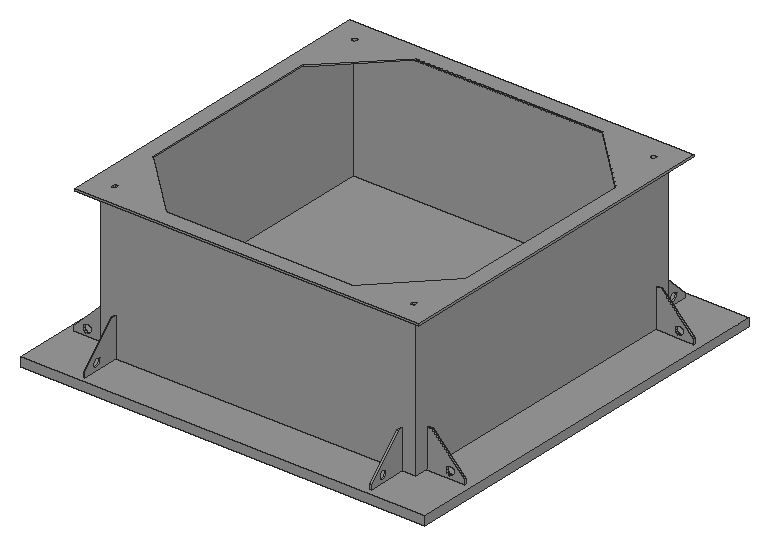
Revit family "СМ-ВО_Eng", category Duct Accessories, Revit 2021
Family settings
  Round Connector Dimension = Use Diameter
  Part Type = Attaches To
  Work Plane-Based = No
  Always vertical = Yes
  Cut with Voids When Loaded = No
  Shared = No
Parameters (values of type "SM-VO-0010-900")
  Фаска = D / 4  # 276.25 mm
  Width = C  # 1420 mm
  Weight = 88.50 kg
  Load Classification = "HVAC"
  Length = Width  # 1420 mm
  Height = 550 mm  # constant formula
  Default Elevation = 0 mm
  Corner = Dy - 100 mm  # 1000 mm
  Manufacturer = "Vents"  # constant formula
  URL = "https://ventilation-system.com/series/sm-vo"
  Maintenance zone material = none
  Dy = 1100 mm
  D = Dy + 5 mm  # 1105 mm
  Casing Material = Metal, painted, blue, matte RAL 5007
  C = 1420 mm
  B = 1208 mm
  A = 1050 mm
  09_System_Name [instance] = ""
  00_20_Type = "SM-VO-0010-900"
  00_20_Name = "Mounting curb"  # constant formula
  00_20_Manufacturer = "Vents"  # constant formula
Types (9, lengths in mm): name | Фаска | Width | Weight | Length | Corner | Dy | D | C | B | A | 00_20_Type
  (no name) | 276.25 | 1420 | 88.50 kg | 1420 | 1000 | 1100 | 1105 | 1420 | 1208 | 1050 | "SM-VO-0010-900"
  SM-VO-0010-315/355 | 126.25 | 800 | 43.50 kg | 800 | 400 | 500 | 505 | 800 | 590 | 480 | "SM-VO-0010-315/355"
  SM-VO-0010-400/450 | 151.25 | 900 | 51.50 kg | 900 | 500 | 600 | 605 | 900 | 692 | 580 | "SM-VO-0010-400/450"
  SM-VO-0010-500 | 168.75 | 970 | 56.00 kg | 970 | 570 | 670 | 675 | 970 | 760 | 640 | "SM-VO-0010-500"
  SM-VO-0010-560/630 | 208.75 | 1120 | 66.50 kg | 1120 | 730 | 830 | 835 | 1120 | 910 | 750 | "SM-VO-0010-560/630"
  SM-VO-0010-710/800 | 263.75 | 1350 | 83.00 kg | 1350 | 950 | 1050 | 1055 | 1350 | 1140 | 980 | "SM-VO-0010-710/800"
  SM-VO-0010-900 | 276.25 | 1420 | 88.50 kg | 1420 | 1000 | 1100 | 1105 | 1420 | 1208 | 1050 | "SM-VO-0010-900"
  SM-VO-0010-1000/1120 | 351.25 | 1710 | 112.00 kg | 1710 | 1300 | 1400 | 1405 | 1710 | 1498 | 1340 | "SM-VO-0010-1000/1120"
  SM-VO-0010-1250 | 401.25 | 1900 | 151.00 kg | 1900 | 1500 | 1600 | 1605 | 1900 | 1688 | 1500 | "SM-VO-0010-1250"
Reference planes
  plane 1 "По центру (Вперед/Назад)": y = 0
  plane 2: z = 0
  plane 3 "По центру (Влево/Вправо)": x = 0
  plane 4: y = 525
  plane 5: y = -525
  plane 6: x = -525
  plane 7: x = 525
Forms (mm)
  Extrusion 1, solid, material "Metal, painted, blue, matte RAL 5007" <- "Casing Material"
    sketch origin (0, 0, 0) x (1, 0, 0) y (0, 1, 0)
      loop
        line (-710, 710) -> (-710, -710) -> (710, -710) -> (710, 710) -> (-710, 710)
      loop
        line (-550, 550) -> (-550, -550) -> (550, -550) -> (550, 550) -> (-550, 550)
    from 0 to 30
  Extrusion 2, solid, material "Metal, painted, blue, matte RAL 5007" <- "Casing Material"
    sketch origin (0, 0, 0) x (1, 0, 0) y (0, 1, 0)
      loop
        line (-552.5, 552.5) -> (-552.5, -552.5) -> (552.5, -552.5) -> (552.5, 552.5) -> (-552.5, 552.5)
      loop
        line (-550, 550) -> (-550, -550) -> (550, -550) -> (550, 550) -> (-550, 550)
    from 30 to 545
  Extrusion 3, solid, material "Metal, painted, blue, matte RAL 5007" <- "Casing Material"
    sketch origin (0, 0, 0) x (1, 0, 0) y (0, 1, 0)
      loop
        line (-604, 604) -> (-604, -604) -> (604, -604) -> (604, 604) -> (-604, 604)
      loop
        line (-327.75, 550) -> (-550, 327.75) -> (-550, -327.75) -> (-327.75, -550) -> (327.75, -550) -> (550, -327.75) -> (550, 327.75) -> (327.75, 550) -> (-327.75, 550)
      loop
        circle (-525, 525) r 8
      loop
        circle (525, 525) r 8
      loop
        circle (525, -525) r 8
      loop
        circle (-525, -525) r 8
    from 545 to 550
  Extrusion 4, solid, material "Metal, painted, blue, matte RAL 5007" <- "Casing Material"
    sketch origin (0, 0, 0) x (1, 0, 0) y (0, 0, 1)
      loop
        line (-687.5, 30) -> (-552.5, 30) -> (-552.5, 165) -> (-569.567, 165) -> (-687.5, 47.067) -> (-687.5, 30)
      loop
        circle (-637.5, 55) r 15
    from 500 to 505
  Extrusion 5, solid, material "Metal, painted, blue, matte RAL 5007" <- "Casing Material"
    sketch origin (0, 0, 0) x (1, 0, 0) y (0, 0, -1)
      loop
        line (-687.5, -30) -> (-687.5, -47.067) -> (-569.567, -165) -> (-552.5, -165) -> (-552.5, -30) -> (-687.5, -30)
      loop
        circle (-637.5, -55) r 15
    from 500 to 505
  Extrusion 6, solid, material "Metal, painted, blue, matte RAL 5007" <- "Casing Material"
    sketch origin (0, 0, 0) x (-1, 0, 0) y (0, 0, -1)
      loop
        line (-687.5, -30) -> (-687.5, -47.067) -> (-569.567, -165) -> (-552.5, -165) -> (-552.5, -30) -> (-687.5, -30)
      loop
        circle (-637.5, -55) r 15
    from 500 to 505
  Extrusion 7, solid, material "Metal, painted, blue, matte RAL 5007" <- "Casing Material"
    sketch origin (0, 0, 0) x (-1, 0, 0) y (0, 0, 1)
      loop
        line (-687.5, 30) -> (-552.5, 30) -> (-552.5, 165) -> (-569.567, 165) -> (-687.5, 47.067) -> (-687.5, 30)
      loop
        circle (-637.5, 55) r 15
    from 500 to 505
  Extrusion 8, solid, material "Metal, painted, blue, matte RAL 5007" <- "Casing Material"
    sketch origin (-349.138, 0, 0) x (0, -1, 0) y (0, 0, -1)
      loop
        line (-687.5, -30) -> (-687.5, -47.067) -> (-569.567, -165) -> (-552.5, -165) -> (-552.5, -30) -> (-687.5, -30)
      loop
        circle (-637.5, -55) r 15
    from -155.862 to -150.862
  Extrusion 9, solid, material "Metal, painted, blue, matte RAL 5007" <- "Casing Material"
    sketch origin (-69.138, 0, 0) x (0, -1, 0) y (0, 0, -1)
      loop
        line (-687.5, -30) -> (-687.5, -47.067) -> (-569.567, -165) -> (-552.5, -165) -> (-552.5, -30) -> (-687.5, -30)
      loop
        circle (-637.5, -55) r 15
    from 569.138 to 574.138
  Extrusion 10, solid, material "Metal, painted, blue, matte RAL 5007" <- "Casing Material"
    sketch origin (-349.138, 0, 0) x (0, 1, 0) y (0, 0, 1)
      loop
        line (-687.5, 30) -> (-552.5, 30) -> (-552.5, 165) -> (-569.567, 165) -> (-687.5, 47.067) -> (-687.5, 30)
      loop
        circle (-637.5, 55) r 15
    from -155.862 to -150.862
  Extrusion 11, solid, material "Metal, painted, blue, matte RAL 5007" <- "Casing Material"
    sketch origin (-69.138, 0, 0) x (0, 1, 0) y (0, 0, 1)
      loop
        line (-687.5, 30) -> (-552.5, 30) -> (-552.5, 165) -> (-569.567, 165) -> (-687.5, 47.067) -> (-687.5, 30)
      loop
        circle (-637.5, 55) r 15
    from 569.138 to 574.138
  Extrusion 12, solid, material "Metal, painted, blue, matte RAL 5007" <- "Casing Material"
    sketch origin (0, 0, 0) x (1, 0, 0) y (0, 1, 0)
      loop
        line (-550, 550) -> (-550, -550) -> (550, -550) -> (550, 550) -> (-550, 550)
    from 100 to 105
Dimensions and locks
  equal spacing: Extrusion 1 sketch curve, plane 3 "По центру (Влево/Вправо)", Extrusion 1 sketch curve  (x2)
  "C": Extrusion 1 sketch curve to Extrusion 1 sketch curve  (x2)
  equal spacing: Extrusion 1 sketch curve, plane 1 "По центру (Вперед/Назад)", Extrusion 1 sketch curve  (x2)
  equal spacing: Extrusion 2 sketch curve, plane 3 "По центру (Влево/Вправо)", Extrusion 2 sketch curve  (x2)
  equal spacing: Extrusion 2 sketch curve, plane 1 "По центру (Вперед/Назад)", Extrusion 2 sketch curve  (x2)
  "D": Extrusion 2 sketch curve to Extrusion 2 sketch curve  (x2)
  "Dy": Extrusion 2 sketch curve to Extrusion 2 sketch curve  (x2)
  "Dy": Extrusion 1 sketch curve to Extrusion 1 sketch curve  (x2)
  equal spacing: Extrusion 3 sketch curve, plane 1 "По центру (Вперед/Назад)", Extrusion 3 sketch curve
  "B": Extrusion 3 sketch curve to Extrusion 3 sketch curve  (x2)
  equal spacing: Extrusion 3 sketch curve, plane 3 "По центру (Влево/Вправо)", Extrusion 3 sketch curve
  "Фаска": Extrusion 3 sketch curve to Extrusion 3 sketch curve  (x8)
  equal spacing: plane 4, plane 1 "По центру (Вперед/Назад)", plane 5
  "A": plane 4 to plane 5
  equal spacing: plane 6, plane 3 "По центру (Влево/Вправо)", plane 7
  "A": plane 6 to plane 7
  equal spacing: Extrusion 4, plane 1 "По центру (Вперед/Назад)", Extrusion 5
  locked: Extrusion 5 to Extrusion 5 at 5
  locked: Extrusion 4 to Extrusion 4 at 5
  "Corner": Extrusion 4 to Extrusion 5
  "Corner": Extrusion 6 to Extrusion 7
  locked: Extrusion 7 to Extrusion 7 at 5
  locked: Extrusion 6 to Extrusion 6 at 5
  equal spacing: Extrusion 6, plane 1 "По центру (Вперед/Назад)", Extrusion 7
  locked: Extrusion 8 to Extrusion 8 at 5
  locked: Extrusion 9 to Extrusion 9 at 5
  equal spacing: Extrusion 8, plane 3 "По центру (Влево/Вправо)", Extrusion 9
  "Corner": Extrusion 8 to Extrusion 9
  locked: Extrusion 10 to Extrusion 10 at 5
  locked: Extrusion 11 to Extrusion 11 at 5
  "Corner": Extrusion 10 to Extrusion 11
  equal spacing: Extrusion 10, plane 3 "По центру (Влево/Вправо)", Extrusion 11
  equal spacing: Extrusion 12 sketch curve, plane 3 "По центру (Влево/Вправо)", Extrusion 12 sketch curve
  "Dy": Extrusion 12 sketch curve to Extrusion 12 sketch curve  (x2)
  equal spacing: Extrusion 12 sketch curve, plane 1 "По центру (Вперед/Назад)", Extrusion 12 sketch curve
  aligned and locked: level to plane 2
  aligned and locked: Extrusion 1 to Extrusion 3 sketch curve  (x4)
  aligned and locked: Extrusion 4 sketch curve to Extrusion 1
  aligned and locked: Extrusion 4 sketch curve to Extrusion 2
  aligned and locked: Extrusion 5 to Extrusion 2
  aligned and locked: Extrusion 5 to Extrusion 1
  aligned and locked: Extrusion 6 to Extrusion 2
  aligned and locked: Extrusion 6 to Extrusion 1
  aligned and locked: Extrusion 7 to Extrusion 1
  aligned and locked: Extrusion 7 to Extrusion 2
  aligned and locked: Extrusion 8 to Extrusion 2
  aligned and locked: Extrusion 8 to Extrusion 1
  aligned and locked: Extrusion 9 to Extrusion 1
  aligned and locked: Extrusion 9 to Extrusion 2
  aligned and locked: Extrusion 10 to Extrusion 2
  aligned and locked: Extrusion 10 to Extrusion 1
  aligned and locked: Extrusion 11 to Extrusion 1
  aligned and locked: Extrusion 11 to Extrusion 2
Automatic sketch dimensions
  Extrusion 3 sketch curve to plane 5 = 0 mm  (x2)
  Extrusion 3 sketch curve to plane 6 = 0 mm  (x2)
  Extrusion 3 sketch curve to plane 4 = 0 mm  (x2)
  Extrusion 3 sketch curve to plane 7 = 0 mm  (x2)
  Extrusion 4 sketch curve to Extrusion 4 sketch curve = 17.067 mm  (x2)
  Extrusion 4 sketch curve to Extrusion 4 sketch curve = 85 mm
  Extrusion 4 sketch curve to Extrusion 4 sketch curve = 50 mm
  Extrusion 4 sketch curve to Extrusion 4 sketch curve = 7.933 mm
  Extrusion 4 sketch curve to Extrusion 4 sketch curve = 135 mm
  level to Extrusion 5 sketch curve = 30 mm
  Extrusion 5 sketch curve to plane 3 "По центру (Влево/Вправо)" = 687.5 mm
  Extrusion 5 sketch curve to Extrusion 5 sketch curve = 50 mm
  level to Extrusion 5 sketch curve = 165 mm
  Extrusion 5 sketch curve to Extrusion 5 sketch curve = 67.933 mm
  Extrusion 5 sketch curve to Extrusion 5 sketch curve = 85 mm
  level to Extrusion 5 sketch curve = 55 mm
  Extrusion 5 sketch curve to Extrusion 5 sketch curve = 17.067 mm
  level to Extrusion 6 sketch curve = 30 mm
  plane 3 "По центру (Влево/Вправо)" to Extrusion 6 sketch curve = 687.5 mm
  Extrusion 6 sketch curve to Extrusion 6 sketch curve = 50 mm
  level to Extrusion 6 sketch curve = 165 mm
  Extrusion 6 sketch curve to Extrusion 6 sketch curve = 67.933 mm
  Extrusion 6 sketch curve to Extrusion 6 sketch curve = 85 mm
  level to Extrusion 6 sketch curve = 55 mm
  Extrusion 6 sketch curve to Extrusion 6 sketch curve = 17.067 mm
  level to Extrusion 7 sketch curve = 30 mm
  plane 3 "По центру (Влево/Вправо)" to Extrusion 7 sketch curve = 687.5 mm
  Extrusion 7 sketch curve to Extrusion 7 sketch curve = 50 mm
  level to Extrusion 7 sketch curve = 165 mm
  Extrusion 7 sketch curve to Extrusion 7 sketch curve = 67.933 mm
  Extrusion 7 sketch curve to Extrusion 7 sketch curve = 85 mm
  Extrusion 7 sketch curve to Extrusion 7 sketch curve = 17.067 mm
  Extrusion 7 sketch curve to Extrusion 7 sketch curve = 7.933 mm
  level to Extrusion 8 sketch curve = 30 mm
  Extrusion 8 sketch curve to plane 1 "По центру (Вперед/Назад)" = 687.5 mm
  Extrusion 8 sketch curve to Extrusion 8 sketch curve = 50 mm
  level to Extrusion 8 sketch curve = 165 mm
  Extrusion 8 sketch curve to Extrusion 8 sketch curve = 67.933 mm
  Extrusion 8 sketch curve to Extrusion 8 sketch curve = 85 mm
  level to Extrusion 8 sketch curve = 55 mm
  Extrusion 8 sketch curve to Extrusion 8 sketch curve = 17.067 mm
  level to Extrusion 9 sketch curve = 30 mm
  Extrusion 9 sketch curve to plane 1 "По центру (Вперед/Назад)" = 687.5 mm
  Extrusion 9 sketch curve to Extrusion 9 sketch curve = 50 mm
  level to Extrusion 9 sketch curve = 165 mm
  Extrusion 9 sketch curve to Extrusion 9 sketch curve = 67.933 mm
  Extrusion 9 sketch curve to Extrusion 9 sketch curve = 85 mm
  level to Extrusion 9 sketch curve = 55 mm
  Extrusion 9 sketch curve to Extrusion 9 sketch curve = 17.067 mm
  level to Extrusion 10 sketch curve = 30 mm
  plane 1 "По центру (Вперед/Назад)" to Extrusion 10 sketch curve = 687.5 mm
  Extrusion 10 sketch curve to Extrusion 10 sketch curve = 50 mm
  level to Extrusion 10 sketch curve = 165 mm
  Extrusion 10 sketch curve to Extrusion 10 sketch curve = 67.933 mm
  Extrusion 10 sketch curve to Extrusion 10 sketch curve = 85 mm
  Extrusion 10 sketch curve to Extrusion 10 sketch curve = 17.067 mm
  Extrusion 10 sketch curve to Extrusion 10 sketch curve = 7.933 mm
  level to Extrusion 11 sketch curve = 30 mm
  plane 1 "По центру (Вперед/Назад)" to Extrusion 11 sketch curve = 687.5 mm
  Extrusion 11 sketch curve to Extrusion 11 sketch curve = 50 mm
  level to Extrusion 11 sketch curve = 165 mm
  Extrusion 11 sketch curve to Extrusion 11 sketch curve = 67.933 mm
  Extrusion 11 sketch curve to Extrusion 11 sketch curve = 85 mm
  Extrusion 11 sketch curve to Extrusion 11 sketch curve = 17.067 mm
  Extrusion 11 sketch curve to Extrusion 11 sketch curve = 7.933 mm
  radius of Extrusion 3 sketch curve = 8 mm  (x4)
  radius of Extrusion 4 sketch curve = 15 mm
  radius of Extrusion 5 sketch curve = 15 mm
  radius of Extrusion 6 sketch curve = 15 mm
  radius of Extrusion 7 sketch curve = 15 mm
  radius of Extrusion 8 sketch curve = 15 mm
  radius of Extrusion 9 sketch curve = 15 mm
  radius of Extrusion 10 sketch curve = 15 mm
  radius of Extrusion 11 sketch curve = 15 mm
Connectors
  hvac at (0, 0, 0), driven by "Dy", driven by "Dy"
    settings: on Extrusion 1, index 1, duct flow 0.0 L/s, flow factor 0, pres drop 0.0 Pa, loss coef 0, conn angle 0.00°, conn width 1100 mm, conn height 1100 mm, conn diameter 609.6 mm, duct sys type 1, conn prof type 1, flow config 0, flow direction 0, loss method 0, conn ref index -1, conn util no, is conn primary yes, conn desc ""
